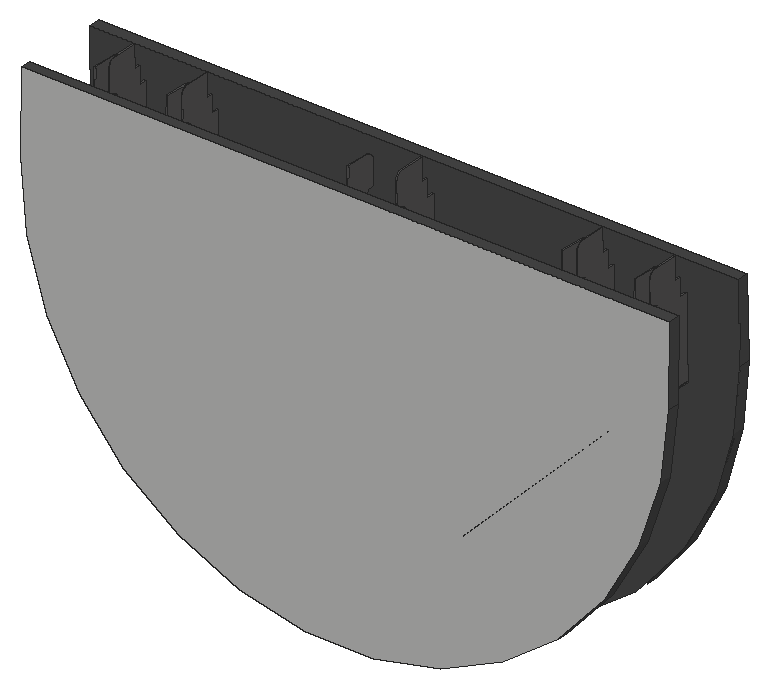
Revit family "22M 48 Elongated", category Furniture, Revit 2016
Family settings
  OmniClass Number = 23.40.20.00
  OmniClass Title = General Furniture and Specialties
  Work Plane-Based = No
  Always vertical = Yes
  Cut with Voids When Loaded = No
  Shared = No
  Room Calculation Point = No
Parameters
  Top [instance] = Palmer Hamilton Lt Gry
  Open [instance] = no
  Model = "22M132948EL"
  Height [instance] = 2' - 5"
  Frame [instance] = Palmer Hamilton Black
  Edge [instance] = Palmer Hamilton - Edge
  Closed [instance] = yes
Reference planes (in)
  plane 1 "Center Front/Back": y = 0
  plane 2: z = 0
  plane 3 "Center Left/Right": x = 0
  plane 4: z = 29
  plane 5: z = 28.1875
Forms (in)
  Extrusion 1, solid, material "Palmer Hamilton Black" <- "Frame", visible <- "Closed"
    sketch origin (0, 23.43372, 35.67249) x (1, 0, 0) y (0, 0.017452, 0.999848)
      loop
        line (-19.875, -2.9375) -> (-19.875, -4.1875) -> (19.8804, -4.1875) -> (19.8804, -2.9375) -> (-19.875, -2.9375)
    from 24.37295 to 26.185
  Extrusion 2, solid, material "Palmer Hamilton Black" <- "Frame", visible <- "Closed"
    sketch origin (0, -23.43372, 35.67249) x (-1, 0, 0) y (0, -0.017452, 0.999848)
      loop
        line (-19.875, -2.9375) -> (-19.875, -4.1875) -> (19.8804, -4.1875) -> (19.8804, -2.9375) -> (-19.875, -2.9375)
    from 24.37295 to 26.185
  Extrusion 3, solid, material "Palmer Hamilton Black" <- "Frame", visible <- "Open"
    sketch origin (0, 0, 0) x (1, 0, 0) y (0, 1, 0)
      loop
        line (-20.0625, -5) -> (-20.0625, -8.28854) -> (-8.35104, -20) -> (8.35104, -20) -> (20.0625, -8.28854) -> (20.0625, -5) -> (19.5625, -5) -> (19.5625, -8.08144) -> (8.14394, -19.5) -> (-8.14394, -19.5) -> (-19.5625, -8.08144) -> (-19.5625, -5) -> (-20.0625, -5)
    from 26.04911 to 28.1875
  Extrusion 4, solid, material "Palmer Hamilton Black" <- "Frame", visible <- "Closed"
    sketch origin (0, 23.46852, 37.6661) x (1, 0, 0) y (0, 0.017452, 0.999848)
      loop
        line (-20.0625, -5.00072) -> (-20.0625, -8.28854) -> (-8.35104, -20) -> (8.35104, -20) -> (20.0625, -8.28854) -> (20.0625, -5) -> (19.5625, -5) -> (19.5625, -8.08144) -> (8.14394, -19.5) -> (-8.14394, -19.5) -> (-19.5625, -8.08144) -> (-19.5625, -5.00072) -> (-20.0625, -5.00072)
    from 24.04911 to 26.1875
  Extrusion 5, solid, material "Palmer Hamilton Black" <- "Frame", visible <- "Open"
    sketch origin (0, 0, 0) x (-1, 0, 0) y (0, -1, 0)
      loop
        line (-20.0625, -5) -> (-20.0625, -8.28854) -> (-8.35104, -20) -> (8.35104, -20) -> (20.0625, -8.28854) -> (20.0625, -5) -> (19.5625, -5) -> (19.5625, -8.08144) -> (8.14394, -19.5) -> (-8.14394, -19.5) -> (-19.5625, -8.08144) -> (-19.5625, -5) -> (-20.0625, -5)
    from 26.04911 to 28.1875
  Extrusion 6, solid, material "Palmer Hamilton Black" <- "Frame", visible <- "Closed"
    sketch origin (0, -23.46852, 37.6661) x (-1, 0, 0) y (0, -0.017452, 0.999848)
      loop
        line (-20.0625, -5.00072) -> (-20.0625, -8.28854) -> (-8.35104, -20) -> (8.35104, -20) -> (20.0625, -8.28854) -> (20.0625, -5) -> (19.5625, -5) -> (19.5625, -8.08144) -> (8.14394, -19.5) -> (-8.14394, -19.5) -> (-19.5625, -8.08144) -> (-19.5625, -5.00072) -> (-20.0625, -5.00072)
    from 24.04911 to 26.1875
  Extrusion 7, solid, visible <- "Open"
    sketch origin (0, 0, 0) x (1, 0, 0) y (0, 1, 0)
      loop
        line (-24, -0.06491) -> (-24, -5.87576)
        arc (-24, -5.87576) -> (0, -29.87576) -> (24, -5.87576) r 24
        line (24, -5.87576) -> (24, -0.06491) -> (-24, -0.06491)
    from 28.1875 to 29
  Extrusion 8, solid, visible <- "Closed"
    sketch origin (0, 25.43335, 37.6335) x (1, 0, 0) y (0, 0.017452, 0.999848)
      loop
        line (-24, -0.06491) -> (-24, -5.87576)
        arc (-24, -5.87576) -> (0, -29.87576) -> (24, -5.87576) r 24
        line (24, -5.87576) -> (24, -0.06491) -> (-24, -0.06491)
    from 28.1875 to 29
  Extrusion 9, solid, visible <- "Open"
    sketch origin (0, 0, 0) x (-1, 0, 0) y (0, -1, 0)
      loop
        line (-24, -0.06491) -> (-24, -5.87576)
        arc (-24, -5.87576) -> (0, -29.87576) -> (24, -5.87576) r 24
        line (24, -5.87576) -> (24, -0.06491) -> (-24, -0.06491)
    from 28.1875 to 29
  Extrusion 10, solid, visible <- "Closed"
    sketch origin (0, -25.43335, 37.6335) x (-1, 0, 0) y (0, -0.017452, 0.999848)
      loop
        line (-24, -0.06491) -> (-24, -5.87576)
        arc (-24, -5.87576) -> (0, -29.87576) -> (24, -5.87576) r 24
        line (24, -5.87576) -> (24, -0.06491) -> (-24, -0.06491)
    from 28.1875 to 29
  Extrusion 11, solid, material "Palmer Hamilton Black" <- "Frame", visible <- "Open"
    sketch origin (0, 0, 5) x (0, 1, 0) y (0, 0, 1)
      loop
        line (0.5625, 20.44279) -> (0.5625, 22.17483) -> (-1.05432, 22.17483) -> (-1.05432, 22.61495) -> (-2.319, 22.61495) -> (-2.319, 23.1875) -> (-11.819, 23.1875) -> (-11.819, 21.04911) -> (-4.819, 21.04911) -> (-4.12777, 20.56511) -> (-2.19922, 20.56511)
        arc (-2.19922, 20.56511) -> (-1.96819, 20.47396) -> (-1.80353, 20.28804) r 0.53311
        line (-1.80353, 20.28804) -> (-1.74766, 20.07952)
        arc (-1.74766, 20.07952) -> (-1.6893, 19.93864) -> (-1.54842, 19.88029) r 0.19923
        line (-1.54842, 19.88029) -> (0, 19.88029)
        arc (0, 19.88029) -> (0.39775, 20.04504) -> (0.5625, 20.44279) r 0.5625
    from -14.745 to -14.6404
  Extrusion 12, solid, material "Palmer Hamilton Black" <- "Frame", visible <- "Open"
    sketch origin (0, 0, 5) x (0, 1, 0) y (0, 0, 1)
      loop
        line (0.5625, 20.44279) -> (0.5625, 22.17483) -> (-1.05432, 22.17483) -> (-1.05432, 22.61495) -> (-2.319, 22.61495) -> (-2.319, 23.1875) -> (-7.57758, 23.1875) -> (-7.57758, 21.04911) -> (-4.819, 21.04911) -> (-4.12777, 20.56511) -> (-2.19922, 20.56511)
        arc (-2.19922, 20.56511) -> (-1.96819, 20.47396) -> (-1.80353, 20.28804) r 0.53311
        line (-1.80353, 20.28804) -> (-1.74766, 20.07952)
        arc (-1.74766, 20.07952) -> (-1.6893, 19.93864) -> (-1.54842, 19.88029) r 0.19923
        line (-1.54842, 19.88029) -> (0, 19.88029)
        arc (0, 19.88029) -> (0.39775, 20.04504) -> (0.5625, 20.44279) r 0.5625
    from -20.12 to -20
  Extrusion 13, solid, material "Palmer Hamilton Black" <- "Frame", visible <- "Open"
    sketch origin (0, 0, 5) x (0, 1, 0) y (0, 0, 1)
      loop
        line (0.5625, 20.44279) -> (0.5625, 22.17483) -> (-1.05432, 22.17483) -> (-1.05432, 22.61495) -> (-2.319, 22.61495) -> (-2.319, 23.1875) -> (-11.819, 23.1875) -> (-11.819, 21.04911) -> (-4.819, 21.04911) -> (-4.12777, 20.56511) -> (-2.19922, 20.56511)
        arc (-2.19922, 20.56511) -> (-1.96819, 20.47396) -> (-1.80353, 20.28804) r 0.53311
        line (-1.80353, 20.28804) -> (-1.74766, 20.07952)
        arc (-1.74766, 20.07952) -> (-1.6893, 19.93864) -> (-1.54842, 19.88029) r 0.19923
        line (-1.54842, 19.88029) -> (0, 19.88029)
        arc (0, 19.88029) -> (0.39775, 20.04504) -> (0.5625, 20.44279) r 0.5625
    from 14.5204 to 14.625
  Extrusion 14, solid, material "Palmer Hamilton Black" <- "Frame", visible <- "Open"
    sketch origin (0, 0, 5) x (0, 1, 0) y (0, 0, 1)
      loop
        line (0.5625, 20.44279) -> (0.5625, 22.17483) -> (-1.05432, 22.17483) -> (-1.05432, 22.61495) -> (-2.319, 22.61495) -> (-2.319, 23.1875) -> (-7.57758, 23.1875) -> (-7.57758, 21.04911) -> (-4.819, 21.04911) -> (-4.12777, 20.56511) -> (-2.19922, 20.56511)
        arc (-2.19922, 20.56511) -> (-1.96819, 20.47396) -> (-1.80353, 20.28804) r 0.53311
        line (-1.80353, 20.28804) -> (-1.74766, 20.07952)
        arc (-1.74766, 20.07952) -> (-1.6893, 19.93864) -> (-1.54842, 19.88029) r 0.19923
        line (-1.54842, 19.88029) -> (0, 19.88029)
        arc (0, 19.88029) -> (0.39775, 20.04504) -> (0.5625, 20.44279) r 0.5625
    from 19.8804 to 20
  Extrusion 15, solid, material "Palmer Hamilton Black" <- "Frame", visible <- "Closed"
    sketch origin (0, 23.43372, 40.67249) x (0, 0.017452, 0.999848) y (0, -0.999848, 0.017452)
      loop
        line (-2.43704, 23.39043) -> (-2.43704, 25.12248) -> (-4.05386, 25.12248) -> (-4.05386, 25.5626) -> (-5.31854, 25.5626) -> (-5.31854, 26.13514) -> (-14.81854, 26.13514) -> (-14.81854, 23.99675) -> (-7.81854, 23.99675) -> (-7.12731, 23.51275) -> (-5.19876, 23.51275)
        arc (-5.19876, 23.51275) -> (-4.96774, 23.4216) -> (-4.80307, 23.23569) r 0.53311
        line (-4.80307, 23.23569) -> (-4.7472, 23.02716)
        arc (-4.7472, 23.02716) -> (-4.68885, 22.88628) -> (-4.54797, 22.82793) r 0.19923
        line (-4.54797, 22.82793) -> (-2.99954, 22.82793)
        arc (-2.99954, 22.82793) -> (-2.6018, 22.99268) -> (-2.43704, 23.39043) r 0.5625
    from -14.745 to -14.6404
  Extrusion 16, solid, material "Palmer Hamilton Black" <- "Frame", visible <- "Closed"
    sketch origin (0, 23.43372, 40.67249) x (0, 0.017452, 0.999848) y (0, -0.999848, 0.017452)
      loop
        line (-2.43704, 23.39043) -> (-2.43704, 25.12248) -> (-4.05386, 25.12248) -> (-4.05386, 25.5626) -> (-5.31854, 25.5626) -> (-5.31854, 26.13514) -> (-11.29387, 26.13514) -> (-11.29387, 23.99675) -> (-7.81854, 23.99675) -> (-7.12731, 23.51275) -> (-5.19876, 23.51275)
        arc (-5.19876, 23.51275) -> (-4.96774, 23.4216) -> (-4.80307, 23.23569) r 0.53311
        line (-4.80307, 23.23569) -> (-4.7472, 23.02716)
        arc (-4.7472, 23.02716) -> (-4.68885, 22.88628) -> (-4.54797, 22.82793) r 0.19923
        line (-4.54797, 22.82793) -> (-2.99954, 22.82793)
        arc (-2.99954, 22.82793) -> (-2.6018, 22.99268) -> (-2.43704, 23.39043) r 0.5625
    from -20.12 to -20
  Extrusion 17, solid, material "Palmer Hamilton Black" <- "Frame", visible <- "Closed"
    sketch origin (0, 23.43372, 40.67249) x (0, 0.017452, 0.999848) y (0, -0.999848, 0.017452)
      loop
        line (-2.43704, 23.39043) -> (-2.43704, 25.12248) -> (-4.05386, 25.12248) -> (-4.05386, 25.5626) -> (-5.31854, 25.5626) -> (-5.31854, 26.13514) -> (-14.81854, 26.13514) -> (-14.81854, 23.99675) -> (-7.81854, 23.99675) -> (-7.12731, 23.51275) -> (-5.19876, 23.51275)
        arc (-5.19876, 23.51275) -> (-4.96774, 23.4216) -> (-4.80307, 23.23569) r 0.53311
        line (-4.80307, 23.23569) -> (-4.7472, 23.02716)
        arc (-4.7472, 23.02716) -> (-4.68885, 22.88628) -> (-4.54797, 22.82793) r 0.19923
        line (-4.54797, 22.82793) -> (-2.99954, 22.82793)
        arc (-2.99954, 22.82793) -> (-2.6018, 22.99268) -> (-2.43704, 23.39043) r 0.5625
    from 14.5204 to 14.625
  Extrusion 18, solid, material "Palmer Hamilton Black" <- "Frame", visible <- "Closed"
    sketch origin (0, 23.43372, 40.67249) x (0, 0.017452, 0.999848) y (0, -0.999848, 0.017452)
      loop
        line (-2.43704, 23.39043) -> (-2.43704, 25.12248) -> (-4.05386, 25.12248) -> (-4.05386, 25.5626) -> (-5.31854, 25.5626) -> (-5.31854, 26.13514) -> (-11.29387, 26.13514) -> (-11.29387, 23.99675) -> (-7.81854, 23.99675) -> (-7.12731, 23.51275) -> (-5.19876, 23.51275)
        arc (-5.19876, 23.51275) -> (-4.96774, 23.4216) -> (-4.80307, 23.23569) r 0.53311
        line (-4.80307, 23.23569) -> (-4.7472, 23.02716)
        arc (-4.7472, 23.02716) -> (-4.68885, 22.88628) -> (-4.54797, 22.82793) r 0.19923
        line (-4.54797, 22.82793) -> (-2.99954, 22.82793)
        arc (-2.99954, 22.82793) -> (-2.6018, 22.99268) -> (-2.43704, 23.39043) r 0.5625
    from 19.8804 to 20
  Extrusion 19, solid, material "Palmer Hamilton Black" <- "Frame", visible <- "Closed"
    sketch origin (0, 23.43372, 40.67249) x (0, 0.017452, 0.999848) y (0, -0.999848, 0.017452)
      loop
        line (-2.43704, 23.39043) -> (-2.43704, 25.12248) -> (-4.05386, 25.12248) -> (-4.05386, 25.5626) -> (-5.31854, 25.5626) -> (-5.31854, 26.13514) -> (-14.81854, 26.13514) -> (-14.81854, 23.99675) -> (-7.81854, 23.99675) -> (-7.12731, 23.51275) -> (-5.19876, 23.51275)
        arc (-5.19876, 23.51275) -> (-4.96774, 23.4216) -> (-4.80307, 23.23569) r 0.53311
        line (-4.80307, 23.23569) -> (-4.7472, 23.02716)
        arc (-4.7472, 23.02716) -> (-4.68885, 22.88628) -> (-4.54797, 22.82793) r 0.19923
        line (-4.54797, 22.82793) -> (-2.99954, 22.82793)
        arc (-2.99954, 22.82793) -> (-2.6018, 22.99268) -> (-2.43704, 23.39043) r 0.5625
    from -1.40625 to -1.28125
  Extrusion 20, solid, material "Palmer Hamilton Black" <- "Frame", visible <- "Open"
    sketch origin (0, 0, 5) x (0, 1, 0) y (0, 0, 1)
      loop
        line (0.5625, 20.44279) -> (0.5625, 22.17483) -> (-1.05432, 22.17483) -> (-1.05432, 22.61495) -> (-2.319, 22.61495) -> (-2.319, 23.1875) -> (-11.819, 23.1875) -> (-11.819, 21.04911) -> (-4.819, 21.04911) -> (-4.12777, 20.56511) -> (-2.19922, 20.56511)
        arc (-2.19922, 20.56511) -> (-1.96819, 20.47396) -> (-1.80353, 20.28804) r 0.53311
        line (-1.80353, 20.28804) -> (-1.74766, 20.07952)
        arc (-1.74766, 20.07952) -> (-1.6893, 19.93864) -> (-1.54842, 19.88029) r 0.19923
        line (-1.54842, 19.88029) -> (0, 19.88029)
        arc (0, 19.88029) -> (0.39775, 20.04504) -> (0.5625, 20.44279) r 0.5625
    from -1.40625 to -1.28125
  Extrusion 21, solid, material "Palmer Hamilton Black" <- "Frame", visible <- "Open"
    sketch origin (0, 0, 5) x (0, -1, 0) y (0, 0, 1)
      loop
        line (0.5625, 20.44279) -> (0.5625, 22.17483) -> (-1.05432, 22.17483) -> (-1.05432, 22.61495) -> (-2.319, 22.61495) -> (-2.319, 23.1875) -> (-11.819, 23.1875) -> (-11.819, 21.04911) -> (-4.819, 21.04911) -> (-4.12777, 20.56511) -> (-2.19922, 20.56511)
        arc (-2.19922, 20.56511) -> (-1.96819, 20.47396) -> (-1.80353, 20.28804) r 0.53311
        line (-1.80353, 20.28804) -> (-1.74766, 20.07952)
        arc (-1.74766, 20.07952) -> (-1.6893, 19.93864) -> (-1.54842, 19.88029) r 0.19923
        line (-1.54842, 19.88029) -> (0, 19.88029)
        arc (0, 19.88029) -> (0.39775, 20.04504) -> (0.5625, 20.44279) r 0.5625
    from -14.745 to -14.6404
  Extrusion 22, solid, material "Palmer Hamilton Black" <- "Frame", visible <- "Open"
    sketch origin (0, 0, 5) x (0, -1, 0) y (0, 0, 1)
      loop
        line (0.5625, 20.44279) -> (0.5625, 22.17483) -> (-1.05432, 22.17483) -> (-1.05432, 22.61495) -> (-2.319, 22.61495) -> (-2.319, 23.1875) -> (-7.92282, 23.1875) -> (-7.92282, 21.04911) -> (-4.819, 21.04911) -> (-4.12777, 20.56511) -> (-2.19922, 20.56511)
        arc (-2.19922, 20.56511) -> (-1.96819, 20.47396) -> (-1.80353, 20.28804) r 0.53311
        line (-1.80353, 20.28804) -> (-1.74766, 20.07952)
        arc (-1.74766, 20.07952) -> (-1.6893, 19.93864) -> (-1.54842, 19.88029) r 0.19923
        line (-1.54842, 19.88029) -> (0, 19.88029)
        arc (0, 19.88029) -> (0.39775, 20.04504) -> (0.5625, 20.44279) r 0.5625
    from -20.12 to -20
  Extrusion 23, solid, material "Palmer Hamilton Black" <- "Frame", visible <- "Open"
    sketch origin (0, 0, 5) x (0, -1, 0) y (0, 0, 1)
      loop
        line (0.5625, 20.44279) -> (0.5625, 22.17483) -> (-1.05432, 22.17483) -> (-1.05432, 22.61495) -> (-2.319, 22.61495) -> (-2.319, 23.1875) -> (-11.819, 23.1875) -> (-11.819, 21.04911) -> (-4.819, 21.04911) -> (-4.12777, 20.56511) -> (-2.19922, 20.56511)
        arc (-2.19922, 20.56511) -> (-1.96819, 20.47396) -> (-1.80353, 20.28804) r 0.53311
        line (-1.80353, 20.28804) -> (-1.74766, 20.07952)
        arc (-1.74766, 20.07952) -> (-1.6893, 19.93864) -> (-1.54842, 19.88029) r 0.19923
        line (-1.54842, 19.88029) -> (0, 19.88029)
        arc (0, 19.88029) -> (0.39775, 20.04504) -> (0.5625, 20.44279) r 0.5625
    from 14.5204 to 14.625
  Extrusion 24, solid, material "Palmer Hamilton Black" <- "Frame", visible <- "Open"
    sketch origin (0, 0, 5) x (0, -1, 0) y (0, 0, 1)
      loop
        line (0.5625, 20.44279) -> (0.5625, 22.17483) -> (-1.05432, 22.17483) -> (-1.05432, 22.61495) -> (-2.319, 22.61495) -> (-2.319, 23.1875) -> (-7.92282, 23.1875) -> (-7.92282, 21.04911) -> (-4.819, 21.04911) -> (-4.12777, 20.56511) -> (-2.19922, 20.56511)
        arc (-2.19922, 20.56511) -> (-1.96819, 20.47396) -> (-1.80353, 20.28804) r 0.53311
        line (-1.80353, 20.28804) -> (-1.74766, 20.07952)
        arc (-1.74766, 20.07952) -> (-1.6893, 19.93864) -> (-1.54842, 19.88029) r 0.19923
        line (-1.54842, 19.88029) -> (0, 19.88029)
        arc (0, 19.88029) -> (0.39775, 20.04504) -> (0.5625, 20.44279) r 0.5625
    from 19.8804 to 20
  Extrusion 25, solid, material "Palmer Hamilton Black" <- "Frame", visible <- "Closed"
    sketch origin (0, -23.43372, 40.67249) x (0, -0.017452, 0.999848) y (0, 0.999848, 0.017452)
      loop
        line (-2.43704, 23.39043) -> (-2.43704, 25.12248) -> (-4.05386, 25.12248) -> (-4.05386, 25.5626) -> (-5.31854, 25.5626) -> (-5.31854, 26.13514) -> (-14.81854, 26.13514) -> (-14.81854, 23.99675) -> (-7.81854, 23.99675) -> (-7.12731, 23.51275) -> (-5.19876, 23.51275)
        arc (-5.19876, 23.51275) -> (-4.96774, 23.4216) -> (-4.80307, 23.23569) r 0.53311
        line (-4.80307, 23.23569) -> (-4.7472, 23.02716)
        arc (-4.7472, 23.02716) -> (-4.68885, 22.88628) -> (-4.54797, 22.82793) r 0.19923
        line (-4.54797, 22.82793) -> (-2.99954, 22.82793)
        arc (-2.99954, 22.82793) -> (-2.6018, 22.99268) -> (-2.43704, 23.39043) r 0.5625
    from -14.745 to -14.6404
  Extrusion 26, solid, material "Palmer Hamilton Black" <- "Frame", visible <- "Closed"
    sketch origin (0, -23.43372, 40.67249) x (0, -0.017452, 0.999848) y (0, 0.999848, 0.017452)
      loop
        line (-2.43704, 23.39043) -> (-2.43704, 25.12248) -> (-4.05386, 25.12248) -> (-4.05386, 25.5626) -> (-5.31854, 25.5626) -> (-5.31854, 26.13514) -> (-11.29387, 26.13514) -> (-11.29387, 23.99675) -> (-7.81854, 23.99675) -> (-7.12731, 23.51275) -> (-5.19876, 23.51275)
        arc (-5.19876, 23.51275) -> (-4.96774, 23.4216) -> (-4.80307, 23.23569) r 0.53311
        line (-4.80307, 23.23569) -> (-4.7472, 23.02716)
        arc (-4.7472, 23.02716) -> (-4.68885, 22.88628) -> (-4.54797, 22.82793) r 0.19923
        line (-4.54797, 22.82793) -> (-2.99954, 22.82793)
        arc (-2.99954, 22.82793) -> (-2.6018, 22.99268) -> (-2.43704, 23.39043) r 0.5625
    from -20.12 to -20
  Extrusion 27, solid, material "Palmer Hamilton Black" <- "Frame", visible <- "Closed"
    sketch origin (0, -23.43372, 40.67249) x (0, -0.017452, 0.999848) y (0, 0.999848, 0.017452)
      loop
        line (-2.43704, 23.39043) -> (-2.43704, 25.12248) -> (-4.05386, 25.12248) -> (-4.05386, 25.5626) -> (-5.31854, 25.5626) -> (-5.31854, 26.13514) -> (-14.81854, 26.13514) -> (-14.81854, 23.99675) -> (-7.81854, 23.99675) -> (-7.12731, 23.51275) -> (-5.19876, 23.51275)
        arc (-5.19876, 23.51275) -> (-4.96774, 23.4216) -> (-4.80307, 23.23569) r 0.53311
        line (-4.80307, 23.23569) -> (-4.7472, 23.02716)
        arc (-4.7472, 23.02716) -> (-4.68885, 22.88628) -> (-4.54797, 22.82793) r 0.19923
        line (-4.54797, 22.82793) -> (-2.99954, 22.82793)
        arc (-2.99954, 22.82793) -> (-2.6018, 22.99268) -> (-2.43704, 23.39043) r 0.5625
    from 14.5204 to 14.625
  Extrusion 28, solid, material "Palmer Hamilton Black" <- "Frame", visible <- "Closed"
    sketch origin (0, -23.43372, 40.67249) x (0, -0.017452, 0.999848) y (0, 0.999848, 0.017452)
      loop
        line (-2.43704, 23.39043) -> (-2.43704, 25.12248) -> (-4.05386, 25.12248) -> (-4.05386, 25.5626) -> (-5.31854, 25.5626) -> (-5.31854, 26.13514) -> (-11.29387, 26.13514) -> (-11.29387, 23.99675) -> (-7.81854, 23.99675) -> (-7.12731, 23.51275) -> (-5.19876, 23.51275)
        arc (-5.19876, 23.51275) -> (-4.96774, 23.4216) -> (-4.80307, 23.23569) r 0.53311
        line (-4.80307, 23.23569) -> (-4.7472, 23.02716)
        arc (-4.7472, 23.02716) -> (-4.68885, 22.88628) -> (-4.54797, 22.82793) r 0.19923
        line (-4.54797, 22.82793) -> (-2.99954, 22.82793)
        arc (-2.99954, 22.82793) -> (-2.6018, 22.99268) -> (-2.43704, 23.39043) r 0.5625
    from 19.8804 to 20
  Extrusion 29, solid, material "Palmer Hamilton Black" <- "Frame", visible <- "Closed"
    sketch origin (0, -23.43372, 40.67249) x (0, -0.017452, 0.999848) y (0, 0.999848, 0.017452)
      loop
        line (-2.43704, 23.39043) -> (-2.43704, 25.12248) -> (-4.05386, 25.12248) -> (-4.05386, 25.5626) -> (-5.31854, 25.5626) -> (-5.31854, 26.13514) -> (-14.81854, 26.13514) -> (-14.81854, 23.99675) -> (-7.81854, 23.99675) -> (-7.12731, 23.51275) -> (-5.19876, 23.51275)
        arc (-5.19876, 23.51275) -> (-4.96774, 23.4216) -> (-4.80307, 23.23569) r 0.53311
        line (-4.80307, 23.23569) -> (-4.7472, 23.02716)
        arc (-4.7472, 23.02716) -> (-4.68885, 22.88628) -> (-4.54797, 22.82793) r 0.19923
        line (-4.54797, 22.82793) -> (-2.99954, 22.82793)
        arc (-2.99954, 22.82793) -> (-2.6018, 22.99268) -> (-2.43704, 23.39043) r 0.5625
    from -1.40625 to -1.28125
  Extrusion 30, solid, material "Palmer Hamilton Black" <- "Frame", visible <- "Open"
    sketch origin (0, 0, 5) x (0, -1, 0) y (0, 0, 1)
      loop
        line (0.5625, 20.44279) -> (0.5625, 22.17483) -> (-1.05432, 22.17483) -> (-1.05432, 22.61495) -> (-2.319, 22.61495) -> (-2.319, 23.1875) -> (-11.819, 23.1875) -> (-11.819, 21.04911) -> (-4.819, 21.04911) -> (-4.12777, 20.56511) -> (-2.19922, 20.56511)
        arc (-2.19922, 20.56511) -> (-1.96819, 20.47396) -> (-1.80353, 20.28804) r 0.53311
        line (-1.80353, 20.28804) -> (-1.74766, 20.07952)
        arc (-1.74766, 20.07952) -> (-1.6893, 19.93864) -> (-1.54842, 19.88029) r 0.19923
        line (-1.54842, 19.88029) -> (0, 19.88029)
        arc (0, 19.88029) -> (0.39775, 20.04504) -> (0.5625, 20.44279) r 0.5625
    from -1.40625 to -1.28125
Lines and regions (in)
  reference lines
    curve 1: line (0, -0.5625, 25.44279) -> (0, 0.5625, 25.44279)
Dimensions and locks (in)
  locked: plane 4 to plane 5 at 0.8125
  "Height": plane 4 to level
  locked: Extrusion 3 to plane 5 at 2.13839
  aligned and locked: level to plane 2
  aligned and locked: Extrusion 3 to plane 5
  aligned and locked: plane 4 to Extrusion 7
  aligned and locked: plane 4 to Extrusion 9
  aligned and locked: plane 5 to Extrusion 9
  aligned and locked: plane 5 to Extrusion 7
  aligned and locked: plane 5 to Extrusion 3
  aligned and locked: Extrusion 5 to plane 5
  aligned and locked: Extrusion 5 to Extrusion 3
Automatic sketch dimensions
  Extrusion 1 sketch curve to plane 3 "Center Left/Right" = 1' - 7 7/8"
  plane 3 "Center Left/Right" to Extrusion 1 sketch curve = 1' - 7.8804"
  Extrusion 1 sketch curve to Extrusion 1 sketch curve = 0' - 1 1/4"
  plane 3 "Center Left/Right" to Extrusion 2 sketch curve = 1' - 7 7/8"
  Extrusion 2 sketch curve to plane 3 "Center Left/Right" = 1' - 7.8804"
  Extrusion 2 sketch curve to Extrusion 2 sketch curve = 0' - 1 1/4"
  plane 1 "Center Front/Back" to Extrusion 3 sketch curve = 0' - 8.28854"
  Extrusion 3 sketch curve to plane 3 "Center Left/Right" = 1' - 8 1/16"
  plane 1 "Center Front/Back" to Extrusion 3 sketch curve = 0' - 8.08144"
  Extrusion 3 sketch curve to Extrusion 3 sketch curve = 0' - 0 1/2"  (x3)
  Extrusion 3 sketch curve to plane 3 "Center Left/Right" = 0' - 8.35104"
  Extrusion 3 sketch curve to Extrusion 3 sketch curve = 0' - 0.20711"  (x3)
  plane 3 "Center Left/Right" to Extrusion 3 sketch curve = 0' - 8.14394"
  plane 1 "Center Front/Back" to Extrusion 3 sketch curve = 0' - 5"
  Extrusion 3 sketch curve to Extrusion 3 sketch curve = 0' - 11.41856"
  Extrusion 3 sketch curve to Extrusion 3 sketch curve = 1' - 2 1/2"
  Extrusion 3 sketch curve to Extrusion 3 sketch curve = 0' - 3.28854"
  Extrusion 3 sketch curve to Extrusion 3 sketch curve = 0' - 3.08144"
  plane 1 "Center Front/Back" to curve 1 = 0' - 0 9/16"
  plane 5 to curve 1 = 0' - 2.74471"
  curve 1 to plane 1 "Center Front/Back" = 0' - 0 9/16"
  Extrusion 4 sketch curve to Extrusion 4 sketch curve = 0' - 0 1/2"  (x3)
  Extrusion 4 sketch curve to Extrusion 4 sketch curve = 0' - 0.20711"  (x4)
  Extrusion 4 sketch curve to Extrusion 4 sketch curve = 0' - 11.41856"
  Extrusion 4 sketch curve to Extrusion 4 sketch curve = 0' - 11.21146"  (x3)
  Extrusion 4 sketch curve to Extrusion 4 sketch curve = 0' - 3.08072"
  Extrusion 4 sketch curve to Extrusion 4 sketch curve = 0' - 3.08144"
  Extrusion 4 sketch curve to Extrusion 4 sketch curve = 1' - 4.28787"
  Extrusion 4 sketch curve to plane 3 "Center Left/Right" = 1' - 8 1/16"
  Extrusion 5 sketch curve to plane 1 "Center Front/Back" = 0' - 8.28854"
  plane 3 "Center Left/Right" to Extrusion 5 sketch curve = 1' - 8 1/16"
  Extrusion 5 sketch curve to plane 1 "Center Front/Back" = 0' - 8.08144"
  Extrusion 5 sketch curve to Extrusion 5 sketch curve = 0' - 0 1/2"  (x3)
  plane 3 "Center Left/Right" to Extrusion 5 sketch curve = 0' - 8.35104"
  Extrusion 5 sketch curve to Extrusion 5 sketch curve = 0' - 0.20711"  (x3)
  Extrusion 5 sketch curve to plane 3 "Center Left/Right" = 0' - 8.14394"
  Extrusion 5 sketch curve to plane 1 "Center Front/Back" = 0' - 5"
  Extrusion 5 sketch curve to Extrusion 5 sketch curve = 0' - 11.41856"
  Extrusion 5 sketch curve to Extrusion 5 sketch curve = 1' - 2 1/2"
  Extrusion 5 sketch curve to Extrusion 5 sketch curve = 0' - 3.28854"
  Extrusion 5 sketch curve to Extrusion 5 sketch curve = 0' - 3.08144"
  plane 3 "Center Left/Right" to Extrusion 6 sketch curve = 1' - 8 1/16"
  Extrusion 6 sketch curve to Extrusion 6 sketch curve = 0' - 0 1/2"  (x3)
  plane 3 "Center Left/Right" to Extrusion 6 sketch curve = 0' - 8.35104"
  Extrusion 6 sketch curve to Extrusion 6 sketch curve = 0' - 0.20711"  (x4)
  Extrusion 6 sketch curve to plane 3 "Center Left/Right" = 0' - 8.14394"
  Extrusion 6 sketch curve to Extrusion 6 sketch curve = 0' - 11.41856"
  Extrusion 6 sketch curve to Extrusion 6 sketch curve = 0' - 11.21146"  (x2)
  Extrusion 6 sketch curve to Extrusion 6 sketch curve = 0' - 3.08072"
  Extrusion 6 sketch curve to Extrusion 6 sketch curve = 0' - 3.08144"
  Extrusion 7 sketch curve to plane 3 "Center Left/Right" = 0' - 0"
  plane 1 "Center Front/Back" to Extrusion 7 sketch curve = 0' - 0.06491"
  plane 3 "Center Left/Right" to Extrusion 7 sketch curve = 2' - 0"
  Extrusion 7 sketch curve to Extrusion 7 sketch curve = 0' - 5.81084"  (x2)
  Extrusion 8 sketch curve to plane 3 "Center Left/Right" = 0' - 0"
  Extrusion 8 sketch curve to plane 3 "Center Left/Right" = 2' - 0"
  Extrusion 8 sketch curve to Extrusion 8 sketch curve = 0' - 5.81084"
  Extrusion 8 sketch curve to Extrusion 8 sketch curve = 0' - 0"
  Extrusion 9 sketch curve to plane 3 "Center Left/Right" = 0' - 0"
  Extrusion 9 sketch curve to plane 1 "Center Front/Back" = 0' - 0.06491"
  plane 3 "Center Left/Right" to Extrusion 9 sketch curve = 2' - 0"
  Extrusion 9 sketch curve to plane 1 "Center Front/Back" = 0' - 5.87576"
  Extrusion 9 sketch curve to Extrusion 9 sketch curve = 0' - 0"
  Extrusion 10 sketch curve to plane 3 "Center Left/Right" = 0' - 0"
  plane 3 "Center Left/Right" to Extrusion 10 sketch curve = 2' - 0"
  Extrusion 10 sketch curve to Extrusion 10 sketch curve = 0' - 5.81084"
  Extrusion 10 sketch curve to Extrusion 10 sketch curve = 0' - 0"
  Extrusion 11 sketch curve to plane 1 "Center Front/Back" = 0' - 0"
  plane 1 "Center Front/Back" to Extrusion 11 sketch curve = 0' - 1.05432"
  plane 1 "Center Front/Back" to Extrusion 11 sketch curve = 0' - 1.54842"
  Extrusion 11 sketch curve to Extrusion 11 sketch curve = 0' - 0 51/256"
  Extrusion 11 sketch curve to Extrusion 11 sketch curve = 0' - 0.05587"
  Extrusion 11 sketch curve to Extrusion 11 sketch curve = 0' - 0.39569"
  Extrusion 11 sketch curve to Extrusion 11 sketch curve = 0' - 0.52631"
  Extrusion 11 sketch curve to Extrusion 11 sketch curve = 0' - 1.26468"
  Extrusion 11 sketch curve to Extrusion 11 sketch curve = 0' - 1.8538"
  Extrusion 11 sketch curve to Extrusion 11 sketch curve = 0' - 0.69123"
  Extrusion 11 sketch curve to Extrusion 11 sketch curve = 0' - 7"
  Extrusion 11 sketch curve to plane 1 "Center Front/Back" = 0' - 0 9/16"
  plane 5 to Extrusion 11 sketch curve = 0' - 3.30721"
  Extrusion 11 sketch curve to Extrusion 11 sketch curve = 0' - 0.04225"
  Extrusion 11 sketch curve to Extrusion 11 sketch curve = 0' - 0.20852"
  Extrusion 11 sketch curve to Extrusion 11 sketch curve = 0' - 0.484"
  Extrusion 11 sketch curve to Extrusion 11 sketch curve = 0' - 1.73205"
  Extrusion 11 sketch curve to Extrusion 11 sketch curve = 0' - 0.44012"
  Extrusion 11 sketch curve to Extrusion 11 sketch curve = 0' - 0.57255"
  Extrusion 12 sketch curve to plane 1 "Center Front/Back" = 0' - 0"
  plane 1 "Center Front/Back" to Extrusion 12 sketch curve = 0' - 1.05432"
  plane 1 "Center Front/Back" to Extrusion 12 sketch curve = 0' - 1.54842"
  Extrusion 12 sketch curve to Extrusion 12 sketch curve = 0' - 0 51/256"
  Extrusion 12 sketch curve to Extrusion 12 sketch curve = 0' - 0.05587"
  Extrusion 12 sketch curve to Extrusion 12 sketch curve = 0' - 0.39569"
  Extrusion 12 sketch curve to Extrusion 12 sketch curve = 0' - 0.52631"
  Extrusion 12 sketch curve to Extrusion 12 sketch curve = 0' - 1.26468"
  Extrusion 12 sketch curve to Extrusion 12 sketch curve = 0' - 1.8538"
  Extrusion 12 sketch curve to Extrusion 12 sketch curve = 0' - 0.69123"
  Extrusion 12 sketch curve to Extrusion 12 sketch curve = 0' - 2.75858"
  Extrusion 12 sketch curve to plane 1 "Center Front/Back" = 0' - 0 9/16"
  plane 5 to Extrusion 12 sketch curve = 0' - 3.30721"
  Extrusion 12 sketch curve to Extrusion 12 sketch curve = 0' - 0.04225"
  Extrusion 12 sketch curve to Extrusion 12 sketch curve = 0' - 0.20852"
  Extrusion 12 sketch curve to Extrusion 12 sketch curve = 0' - 0.484"
  Extrusion 12 sketch curve to Extrusion 12 sketch curve = 0' - 1.73205"
  Extrusion 12 sketch curve to Extrusion 12 sketch curve = 0' - 0.44012"
  Extrusion 12 sketch curve to Extrusion 12 sketch curve = 0' - 0.57255"
  Extrusion 13 sketch curve to plane 1 "Center Front/Back" = 0' - 0"
  plane 1 "Center Front/Back" to Extrusion 13 sketch curve = 0' - 1.05432"
  plane 1 "Center Front/Back" to Extrusion 13 sketch curve = 0' - 1.54842"
  Extrusion 13 sketch curve to Extrusion 13 sketch curve = 0' - 0 51/256"
  Extrusion 13 sketch curve to Extrusion 13 sketch curve = 0' - 0.05587"
  Extrusion 13 sketch curve to Extrusion 13 sketch curve = 0' - 0.39569"
  Extrusion 13 sketch curve to Extrusion 13 sketch curve = 0' - 0.52631"
  Extrusion 13 sketch curve to Extrusion 13 sketch curve = 0' - 1.26468"
  Extrusion 13 sketch curve to Extrusion 13 sketch curve = 0' - 1.8538"
  Extrusion 13 sketch curve to Extrusion 13 sketch curve = 0' - 0.69123"
  Extrusion 13 sketch curve to Extrusion 13 sketch curve = 0' - 7"
  Extrusion 13 sketch curve to plane 1 "Center Front/Back" = 0' - 0 9/16"
  plane 5 to Extrusion 13 sketch curve = 0' - 3.30721"
  Extrusion 13 sketch curve to Extrusion 13 sketch curve = 0' - 0.04225"
  Extrusion 13 sketch curve to Extrusion 13 sketch curve = 0' - 0.20852"
  Extrusion 13 sketch curve to Extrusion 13 sketch curve = 0' - 0.484"
  Extrusion 13 sketch curve to Extrusion 13 sketch curve = 0' - 1.73205"
  Extrusion 13 sketch curve to Extrusion 13 sketch curve = 0' - 0.44012"
  Extrusion 13 sketch curve to Extrusion 13 sketch curve = 0' - 0.57255"
  Extrusion 14 sketch curve to plane 1 "Center Front/Back" = 0' - 0"
  plane 1 "Center Front/Back" to Extrusion 14 sketch curve = 0' - 1.05432"
  plane 1 "Center Front/Back" to Extrusion 14 sketch curve = 0' - 1.54842"
  Extrusion 14 sketch curve to Extrusion 14 sketch curve = 0' - 0 51/256"
  Extrusion 14 sketch curve to Extrusion 14 sketch curve = 0' - 0.05587"
  Extrusion 14 sketch curve to Extrusion 14 sketch curve = 0' - 0.39569"
  Extrusion 14 sketch curve to Extrusion 14 sketch curve = 0' - 0.52631"
  Extrusion 14 sketch curve to Extrusion 14 sketch curve = 0' - 1.26468"
  Extrusion 14 sketch curve to Extrusion 14 sketch curve = 0' - 1.8538"
  Extrusion 14 sketch curve to Extrusion 14 sketch curve = 0' - 0.69123"
  Extrusion 14 sketch curve to Extrusion 14 sketch curve = 0' - 2.75858"
  Extrusion 14 sketch curve to plane 1 "Center Front/Back" = 0' - 0 9/16"
  plane 5 to Extrusion 14 sketch curve = 0' - 3.30721"
  Extrusion 14 sketch curve to Extrusion 14 sketch curve = 0' - 0.04225"
  Extrusion 14 sketch curve to Extrusion 14 sketch curve = 0' - 0.20852"
  Extrusion 14 sketch curve to Extrusion 14 sketch curve = 0' - 0.484"
  Extrusion 14 sketch curve to Extrusion 14 sketch curve = 0' - 1.73205"
  Extrusion 14 sketch curve to Extrusion 14 sketch curve = 0' - 0.44012"
  Extrusion 14 sketch curve to Extrusion 14 sketch curve = 0' - 0.57255"
  plane 1 "Center Front/Back" to Extrusion 15 sketch curve = 0' - 0.818"
  plane 5 to Extrusion 15 sketch curve = 0' - 1.9125"
  Extrusion 15 sketch curve to Extrusion 15 sketch curve = 0' - 7"
  Extrusion 15 sketch curve to Extrusion 15 sketch curve = 0' - 0.69123"
  Extrusion 15 sketch curve to Extrusion 15 sketch curve = 0' - 1.80877"
  Extrusion 15 sketch curve to Extrusion 15 sketch curve = 0' - 1.8538"
  Extrusion 15 sketch curve to Extrusion 15 sketch curve = 0' - 0.07475"
  Extrusion 15 sketch curve to Extrusion 15 sketch curve = 0' - 0.39569"
  Extrusion 15 sketch curve to Extrusion 15 sketch curve = 0' - 0.05587"
  Extrusion 15 sketch curve to Extrusion 15 sketch curve = 0' - 0 51/256"
  Extrusion 15 sketch curve to Extrusion 15 sketch curve = 0' - 1.26468"
  Extrusion 15 sketch curve to Extrusion 15 sketch curve = 0' - 1.54842"
  Extrusion 15 sketch curve to Extrusion 15 sketch curve = 0' - 1.61682"
  Extrusion 15 sketch curve to Extrusion 15 sketch curve = 0' - 0.484"
  Extrusion 15 sketch curve to Extrusion 15 sketch curve = 0' - 0.12232"
  Extrusion 15 sketch curve to Extrusion 15 sketch curve = 0' - 0.20852"
  Extrusion 15 sketch curve to Extrusion 15 sketch curve = 0' - 1.73205"
  Extrusion 15 sketch curve to Extrusion 15 sketch curve = 0' - 0.44012"
  Extrusion 15 sketch curve to Extrusion 15 sketch curve = 0' - 0.57255"
  plane 1 "Center Front/Back" to Extrusion 16 sketch curve = 0' - 0.75648"
  Extrusion 16 sketch curve to plane 5 = 0' - 1.61164"
  Extrusion 16 sketch curve to Extrusion 16 sketch curve = 0' - 3.47532"
  Extrusion 16 sketch curve to Extrusion 16 sketch curve = 0' - 0.69123"
  Extrusion 16 sketch curve to Extrusion 16 sketch curve = 0' - 1.80877"
  Extrusion 16 sketch curve to Extrusion 16 sketch curve = 0' - 1.8538"
  Extrusion 16 sketch curve to Extrusion 16 sketch curve = 0' - 0.07475"
  Extrusion 16 sketch curve to Extrusion 16 sketch curve = 0' - 0.39569"
  Extrusion 16 sketch curve to Extrusion 16 sketch curve = 0' - 0.05587"
  Extrusion 16 sketch curve to Extrusion 16 sketch curve = 0' - 0 51/256"
  Extrusion 16 sketch curve to Extrusion 16 sketch curve = 0' - 1.26468"
  Extrusion 16 sketch curve to Extrusion 16 sketch curve = 0' - 1.54842"
  Extrusion 16 sketch curve to Extrusion 16 sketch curve = 0' - 1.61682"
  Extrusion 16 sketch curve to Extrusion 16 sketch curve = 0' - 0.484"
  Extrusion 16 sketch curve to Extrusion 16 sketch curve = 0' - 0.12232"
  Extrusion 16 sketch curve to Extrusion 16 sketch curve = 0' - 0.20852"
  Extrusion 16 sketch curve to Extrusion 16 sketch curve = 0' - 1.73205"
  Extrusion 16 sketch curve to Extrusion 16 sketch curve = 0' - 0.44012"
  Extrusion 16 sketch curve to Extrusion 16 sketch curve = 0' - 0.57255"
  plane 1 "Center Front/Back" to Extrusion 17 sketch curve = 0' - 0.818"
  plane 5 to Extrusion 17 sketch curve = 0' - 1.9125"
  Extrusion 17 sketch curve to Extrusion 17 sketch curve = 0' - 7"
  Extrusion 17 sketch curve to Extrusion 17 sketch curve = 0' - 0.69123"
  Extrusion 17 sketch curve to Extrusion 17 sketch curve = 0' - 1.80877"
  Extrusion 17 sketch curve to Extrusion 17 sketch curve = 0' - 1.8538"
  Extrusion 17 sketch curve to Extrusion 17 sketch curve = 0' - 0.07475"
  Extrusion 17 sketch curve to Extrusion 17 sketch curve = 0' - 0.39569"
  Extrusion 17 sketch curve to Extrusion 17 sketch curve = 0' - 0.05587"
  Extrusion 17 sketch curve to Extrusion 17 sketch curve = 0' - 0 51/256"
  Extrusion 17 sketch curve to Extrusion 17 sketch curve = 0' - 1.26468"
  Extrusion 17 sketch curve to Extrusion 17 sketch curve = 0' - 1.54842"
  Extrusion 17 sketch curve to Extrusion 17 sketch curve = 0' - 1.61682"
  Extrusion 17 sketch curve to Extrusion 17 sketch curve = 0' - 0.484"
  Extrusion 17 sketch curve to Extrusion 17 sketch curve = 0' - 0.12232"
  Extrusion 17 sketch curve to Extrusion 17 sketch curve = 0' - 0.20852"
  Extrusion 17 sketch curve to Extrusion 17 sketch curve = 0' - 1.73205"
  Extrusion 17 sketch curve to Extrusion 17 sketch curve = 0' - 0.44012"
  Extrusion 17 sketch curve to Extrusion 17 sketch curve = 0' - 0.57255"
  plane 1 "Center Front/Back" to Extrusion 18 sketch curve = 0' - 0.75648"
  Extrusion 18 sketch curve to plane 5 = 0' - 1.61164"
  Extrusion 18 sketch curve to Extrusion 18 sketch curve = 0' - 3.47532"
  Extrusion 18 sketch curve to Extrusion 18 sketch curve = 0' - 0.69123"
  Extrusion 18 sketch curve to Extrusion 18 sketch curve = 0' - 1.80877"
  Extrusion 18 sketch curve to Extrusion 18 sketch curve = 0' - 1.8538"
  Extrusion 18 sketch curve to Extrusion 18 sketch curve = 0' - 0.07475"
  Extrusion 18 sketch curve to Extrusion 18 sketch curve = 0' - 0.39569"
  Extrusion 18 sketch curve to Extrusion 18 sketch curve = 0' - 0.05587"
  Extrusion 18 sketch curve to Extrusion 18 sketch curve = 0' - 0 51/256"
  Extrusion 18 sketch curve to Extrusion 18 sketch curve = 0' - 1.26468"
  Extrusion 18 sketch curve to Extrusion 18 sketch curve = 0' - 1.54842"
  Extrusion 18 sketch curve to Extrusion 18 sketch curve = 0' - 1.61682"
  Extrusion 18 sketch curve to Extrusion 18 sketch curve = 0' - 0.484"
  Extrusion 18 sketch curve to Extrusion 18 sketch curve = 0' - 0.12232"
  Extrusion 18 sketch curve to Extrusion 18 sketch curve = 0' - 0.20852"
  Extrusion 18 sketch curve to Extrusion 18 sketch curve = 0' - 1.73205"
  Extrusion 18 sketch curve to Extrusion 18 sketch curve = 0' - 0.44012"
  Extrusion 18 sketch curve to Extrusion 18 sketch curve = 0' - 0.57255"
  plane 1 "Center Front/Back" to Extrusion 19 sketch curve = 0' - 0.818"
  plane 5 to Extrusion 19 sketch curve = 0' - 1.9125"
  Extrusion 19 sketch curve to Extrusion 19 sketch curve = 0' - 7"
  Extrusion 19 sketch curve to Extrusion 19 sketch curve = 0' - 0.69123"
  Extrusion 19 sketch curve to Extrusion 19 sketch curve = 0' - 1.80877"
  Extrusion 19 sketch curve to Extrusion 19 sketch curve = 0' - 1.8538"
  Extrusion 19 sketch curve to Extrusion 19 sketch curve = 0' - 0.07475"
  Extrusion 19 sketch curve to Extrusion 19 sketch curve = 0' - 0.39569"
  Extrusion 19 sketch curve to Extrusion 19 sketch curve = 0' - 0.05587"
  Extrusion 19 sketch curve to Extrusion 19 sketch curve = 0' - 0 51/256"
  Extrusion 19 sketch curve to Extrusion 19 sketch curve = 0' - 1.26468"
  Extrusion 19 sketch curve to Extrusion 19 sketch curve = 0' - 1.54842"
  Extrusion 19 sketch curve to Extrusion 19 sketch curve = 0' - 1.61682"
  Extrusion 19 sketch curve to Extrusion 19 sketch curve = 0' - 0.484"
  Extrusion 19 sketch curve to Extrusion 19 sketch curve = 0' - 0.12232"
  Extrusion 19 sketch curve to Extrusion 19 sketch curve = 0' - 0.20852"
  Extrusion 19 sketch curve to Extrusion 19 sketch curve = 0' - 1.73205"
  Extrusion 19 sketch curve to Extrusion 19 sketch curve = 0' - 0.44012"
  Extrusion 19 sketch curve to Extrusion 19 sketch curve = 0' - 0.57255"
  Extrusion 20 sketch curve to plane 1 "Center Front/Back" = 0' - 0"
  plane 1 "Center Front/Back" to Extrusion 20 sketch curve = 0' - 1.05432"
  plane 1 "Center Front/Back" to Extrusion 20 sketch curve = 0' - 1.54842"
  Extrusion 20 sketch curve to Extrusion 20 sketch curve = 0' - 0 51/256"
  Extrusion 20 sketch curve to Extrusion 20 sketch curve = 0' - 0.05587"
  Extrusion 20 sketch curve to Extrusion 20 sketch curve = 0' - 0.39569"
  Extrusion 20 sketch curve to Extrusion 20 sketch curve = 0' - 0.52631"
  Extrusion 20 sketch curve to Extrusion 20 sketch curve = 0' - 1.26468"
  Extrusion 20 sketch curve to Extrusion 20 sketch curve = 0' - 1.8538"
  Extrusion 20 sketch curve to Extrusion 20 sketch curve = 0' - 0.69123"
  Extrusion 20 sketch curve to Extrusion 20 sketch curve = 0' - 7"
  Extrusion 20 sketch curve to plane 1 "Center Front/Back" = 0' - 0 9/16"
  plane 5 to Extrusion 20 sketch curve = 0' - 3.30721"
  Extrusion 20 sketch curve to Extrusion 20 sketch curve = 0' - 0.04225"
  Extrusion 20 sketch curve to Extrusion 20 sketch curve = 0' - 0.20852"
  Extrusion 20 sketch curve to Extrusion 20 sketch curve = 0' - 0.484"
  Extrusion 20 sketch curve to Extrusion 20 sketch curve = 0' - 1.73205"
  Extrusion 20 sketch curve to Extrusion 20 sketch curve = 0' - 0.44012"
  Extrusion 20 sketch curve to Extrusion 20 sketch curve = 0' - 0.57255"
  Extrusion 21 sketch curve to plane 1 "Center Front/Back" = 0' - 0"
  Extrusion 21 sketch curve to plane 1 "Center Front/Back" = 0' - 1.05432"
  Extrusion 21 sketch curve to plane 1 "Center Front/Back" = 0' - 1.54842"
  Extrusion 21 sketch curve to Extrusion 21 sketch curve = 0' - 0 51/256"
  Extrusion 21 sketch curve to Extrusion 21 sketch curve = 0' - 0.05587"
  Extrusion 21 sketch curve to Extrusion 21 sketch curve = 0' - 0.39569"
  Extrusion 21 sketch curve to Extrusion 21 sketch curve = 0' - 0.52631"
  Extrusion 21 sketch curve to Extrusion 21 sketch curve = 0' - 1.26468"
  Extrusion 21 sketch curve to Extrusion 21 sketch curve = 0' - 1.8538"
  Extrusion 21 sketch curve to Extrusion 21 sketch curve = 0' - 0.69123"
  Extrusion 21 sketch curve to Extrusion 21 sketch curve = 0' - 7"
  plane 1 "Center Front/Back" to Extrusion 21 sketch curve = 0' - 0 9/16"
  plane 5 to Extrusion 21 sketch curve = 0' - 3.30721"
  Extrusion 21 sketch curve to Extrusion 21 sketch curve = 0' - 0.04225"
  Extrusion 21 sketch curve to Extrusion 21 sketch curve = 0' - 0.20852"
  Extrusion 21 sketch curve to Extrusion 21 sketch curve = 0' - 0.484"
  Extrusion 21 sketch curve to Extrusion 21 sketch curve = 0' - 1.73205"
  Extrusion 21 sketch curve to Extrusion 21 sketch curve = 0' - 0.44012"
  Extrusion 21 sketch curve to Extrusion 21 sketch curve = 0' - 0.57255"
  Extrusion 22 sketch curve to plane 1 "Center Front/Back" = 0' - 0"
  Extrusion 22 sketch curve to plane 1 "Center Front/Back" = 0' - 1.05432"
  Extrusion 22 sketch curve to plane 1 "Center Front/Back" = 0' - 1.54842"
  Extrusion 22 sketch curve to Extrusion 22 sketch curve = 0' - 0 51/256"
  Extrusion 22 sketch curve to Extrusion 22 sketch curve = 0' - 0.05587"
  Extrusion 22 sketch curve to Extrusion 22 sketch curve = 0' - 0.39569"
  Extrusion 22 sketch curve to Extrusion 22 sketch curve = 0' - 0.52631"
  Extrusion 22 sketch curve to Extrusion 22 sketch curve = 0' - 1.26468"
  Extrusion 22 sketch curve to Extrusion 22 sketch curve = 0' - 1.8538"
  Extrusion 22 sketch curve to Extrusion 22 sketch curve = 0' - 0.69123"
  Extrusion 22 sketch curve to Extrusion 22 sketch curve = 0' - 3.10382"
  plane 1 "Center Front/Back" to Extrusion 22 sketch curve = 0' - 0 9/16"
  plane 5 to Extrusion 22 sketch curve = 0' - 3.30721"
  Extrusion 22 sketch curve to Extrusion 22 sketch curve = 0' - 0.04225"
  Extrusion 22 sketch curve to Extrusion 22 sketch curve = 0' - 0.20852"
  Extrusion 22 sketch curve to Extrusion 22 sketch curve = 0' - 0.484"
  Extrusion 22 sketch curve to Extrusion 22 sketch curve = 0' - 1.73205"
  Extrusion 22 sketch curve to Extrusion 22 sketch curve = 0' - 0.44012"
  Extrusion 22 sketch curve to Extrusion 22 sketch curve = 0' - 0.57255"
  Extrusion 23 sketch curve to plane 1 "Center Front/Back" = 0' - 0"
  Extrusion 23 sketch curve to plane 1 "Center Front/Back" = 0' - 1.05432"
  Extrusion 23 sketch curve to plane 1 "Center Front/Back" = 0' - 1.54842"
  Extrusion 23 sketch curve to Extrusion 23 sketch curve = 0' - 0 51/256"
  Extrusion 23 sketch curve to Extrusion 23 sketch curve = 0' - 0.05587"
  Extrusion 23 sketch curve to Extrusion 23 sketch curve = 0' - 0.39569"
  Extrusion 23 sketch curve to Extrusion 23 sketch curve = 0' - 0.52631"
  Extrusion 23 sketch curve to Extrusion 23 sketch curve = 0' - 1.26468"
  Extrusion 23 sketch curve to Extrusion 23 sketch curve = 0' - 1.8538"
  Extrusion 23 sketch curve to Extrusion 23 sketch curve = 0' - 0.69123"
  Extrusion 23 sketch curve to Extrusion 23 sketch curve = 0' - 7"
  plane 1 "Center Front/Back" to Extrusion 23 sketch curve = 0' - 0 9/16"
  plane 5 to Extrusion 23 sketch curve = 0' - 3.30721"
  Extrusion 23 sketch curve to Extrusion 23 sketch curve = 0' - 0.04225"
  Extrusion 23 sketch curve to Extrusion 23 sketch curve = 0' - 0.20852"
  Extrusion 23 sketch curve to Extrusion 23 sketch curve = 0' - 0.484"
  Extrusion 23 sketch curve to Extrusion 23 sketch curve = 0' - 1.73205"
  Extrusion 23 sketch curve to Extrusion 23 sketch curve = 0' - 0.44012"
  Extrusion 23 sketch curve to Extrusion 23 sketch curve = 0' - 0.57255"
  Extrusion 24 sketch curve to plane 1 "Center Front/Back" = 0' - 0"
  Extrusion 24 sketch curve to plane 1 "Center Front/Back" = 0' - 1.05432"
  Extrusion 24 sketch curve to plane 1 "Center Front/Back" = 0' - 1.54842"
  Extrusion 24 sketch curve to Extrusion 24 sketch curve = 0' - 0 51/256"
  Extrusion 24 sketch curve to Extrusion 24 sketch curve = 0' - 0.05587"
  Extrusion 24 sketch curve to Extrusion 24 sketch curve = 0' - 0.39569"
  Extrusion 24 sketch curve to Extrusion 24 sketch curve = 0' - 0.52631"
  Extrusion 24 sketch curve to Extrusion 24 sketch curve = 0' - 1.26468"
  Extrusion 24 sketch curve to Extrusion 24 sketch curve = 0' - 1.8538"
  Extrusion 24 sketch curve to Extrusion 24 sketch curve = 0' - 0.69123"
  Extrusion 24 sketch curve to Extrusion 24 sketch curve = 0' - 3.10382"
  plane 1 "Center Front/Back" to Extrusion 24 sketch curve = 0' - 0 9/16"
  plane 5 to Extrusion 24 sketch curve = 0' - 3.30721"
  Extrusion 24 sketch curve to Extrusion 24 sketch curve = 0' - 0.04225"
  Extrusion 24 sketch curve to Extrusion 24 sketch curve = 0' - 0.20852"
  Extrusion 24 sketch curve to Extrusion 24 sketch curve = 0' - 0.484"
  Extrusion 24 sketch curve to Extrusion 24 sketch curve = 0' - 1.73205"
  Extrusion 24 sketch curve to Extrusion 24 sketch curve = 0' - 0.44012"
  Extrusion 24 sketch curve to Extrusion 24 sketch curve = 0' - 0.57255"
  Extrusion 25 sketch curve to plane 1 "Center Front/Back" = 0' - 0.818"
  plane 5 to Extrusion 25 sketch curve = 0' - 1.9125"
  Extrusion 25 sketch curve to Extrusion 25 sketch curve = 0' - 7"
  Extrusion 25 sketch curve to Extrusion 25 sketch curve = 0' - 0.69123"
  Extrusion 25 sketch curve to Extrusion 25 sketch curve = 0' - 1.80877"
  Extrusion 25 sketch curve to Extrusion 25 sketch curve = 0' - 1.8538"
  Extrusion 25 sketch curve to Extrusion 25 sketch curve = 0' - 0.07475"
  Extrusion 25 sketch curve to Extrusion 25 sketch curve = 0' - 0.39569"
  Extrusion 25 sketch curve to Extrusion 25 sketch curve = 0' - 0.05587"
  Extrusion 25 sketch curve to Extrusion 25 sketch curve = 0' - 0 51/256"
  Extrusion 25 sketch curve to Extrusion 25 sketch curve = 0' - 1.26468"
  Extrusion 25 sketch curve to Extrusion 25 sketch curve = 0' - 1.54842"
  Extrusion 25 sketch curve to Extrusion 25 sketch curve = 0' - 1.61682"
  Extrusion 25 sketch curve to Extrusion 25 sketch curve = 0' - 0.484"
  Extrusion 25 sketch curve to Extrusion 25 sketch curve = 0' - 0.12232"
  Extrusion 25 sketch curve to Extrusion 25 sketch curve = 0' - 0.20852"
  Extrusion 25 sketch curve to Extrusion 25 sketch curve = 0' - 1.73205"
  Extrusion 25 sketch curve to Extrusion 25 sketch curve = 0' - 0.44012"
  Extrusion 25 sketch curve to Extrusion 25 sketch curve = 0' - 0.57255"
  Extrusion 26 sketch curve to plane 1 "Center Front/Back" = 0' - 0.75648"
  Extrusion 26 sketch curve to plane 5 = 0' - 1.61164"
  Extrusion 26 sketch curve to Extrusion 26 sketch curve = 0' - 3.47532"
  Extrusion 26 sketch curve to Extrusion 26 sketch curve = 0' - 0.69123"
  Extrusion 26 sketch curve to Extrusion 26 sketch curve = 0' - 1.80877"
  Extrusion 26 sketch curve to Extrusion 26 sketch curve = 0' - 1.8538"
  Extrusion 26 sketch curve to Extrusion 26 sketch curve = 0' - 0.07475"
  Extrusion 26 sketch curve to Extrusion 26 sketch curve = 0' - 0.39569"
  Extrusion 26 sketch curve to Extrusion 26 sketch curve = 0' - 0.05587"
  Extrusion 26 sketch curve to Extrusion 26 sketch curve = 0' - 0 51/256"
  Extrusion 26 sketch curve to Extrusion 26 sketch curve = 0' - 1.26468"
  Extrusion 26 sketch curve to Extrusion 26 sketch curve = 0' - 1.54842"
  Extrusion 26 sketch curve to Extrusion 26 sketch curve = 0' - 1.61682"
  Extrusion 26 sketch curve to Extrusion 26 sketch curve = 0' - 0.484"
  Extrusion 26 sketch curve to Extrusion 26 sketch curve = 0' - 0.12232"
  Extrusion 26 sketch curve to Extrusion 26 sketch curve = 0' - 0.20852"
  Extrusion 26 sketch curve to Extrusion 26 sketch curve = 0' - 1.73205"
  Extrusion 26 sketch curve to Extrusion 26 sketch curve = 0' - 0.44012"
  Extrusion 26 sketch curve to Extrusion 26 sketch curve = 0' - 0.57255"
  Extrusion 27 sketch curve to plane 1 "Center Front/Back" = 0' - 0.818"
  plane 5 to Extrusion 27 sketch curve = 0' - 1.9125"
  Extrusion 27 sketch curve to Extrusion 27 sketch curve = 0' - 7"
  Extrusion 27 sketch curve to Extrusion 27 sketch curve = 0' - 0.69123"
  Extrusion 27 sketch curve to Extrusion 27 sketch curve = 0' - 1.80877"
  Extrusion 27 sketch curve to Extrusion 27 sketch curve = 0' - 1.8538"
  Extrusion 27 sketch curve to Extrusion 27 sketch curve = 0' - 0.07475"
  Extrusion 27 sketch curve to Extrusion 27 sketch curve = 0' - 0.39569"
  Extrusion 27 sketch curve to Extrusion 27 sketch curve = 0' - 0.05587"
  Extrusion 27 sketch curve to Extrusion 27 sketch curve = 0' - 0 51/256"
  Extrusion 27 sketch curve to Extrusion 27 sketch curve = 0' - 1.26468"
  Extrusion 27 sketch curve to Extrusion 27 sketch curve = 0' - 1.54842"
  Extrusion 27 sketch curve to Extrusion 27 sketch curve = 0' - 1.61682"
  Extrusion 27 sketch curve to Extrusion 27 sketch curve = 0' - 0.484"
  Extrusion 27 sketch curve to Extrusion 27 sketch curve = 0' - 0.12232"
  Extrusion 27 sketch curve to Extrusion 27 sketch curve = 0' - 0.20852"
  Extrusion 27 sketch curve to Extrusion 27 sketch curve = 0' - 1.73205"
  Extrusion 27 sketch curve to Extrusion 27 sketch curve = 0' - 0.44012"
  Extrusion 27 sketch curve to Extrusion 27 sketch curve = 0' - 0.57255"
  Extrusion 28 sketch curve to plane 1 "Center Front/Back" = 0' - 0.75648"
  Extrusion 28 sketch curve to plane 5 = 0' - 1.61164"
  Extrusion 28 sketch curve to Extrusion 28 sketch curve = 0' - 3.47532"
  Extrusion 28 sketch curve to Extrusion 28 sketch curve = 0' - 0.69123"
  Extrusion 28 sketch curve to Extrusion 28 sketch curve = 0' - 1.80877"
  Extrusion 28 sketch curve to Extrusion 28 sketch curve = 0' - 1.8538"
  Extrusion 28 sketch curve to Extrusion 28 sketch curve = 0' - 0.07475"
  Extrusion 28 sketch curve to Extrusion 28 sketch curve = 0' - 0.39569"
  Extrusion 28 sketch curve to Extrusion 28 sketch curve = 0' - 0.05587"
  Extrusion 28 sketch curve to Extrusion 28 sketch curve = 0' - 0 51/256"
  Extrusion 28 sketch curve to Extrusion 28 sketch curve = 0' - 1.26468"
  Extrusion 28 sketch curve to Extrusion 28 sketch curve = 0' - 1.54842"
  Extrusion 28 sketch curve to Extrusion 28 sketch curve = 0' - 1.61682"
  Extrusion 28 sketch curve to Extrusion 28 sketch curve = 0' - 0.484"
  Extrusion 28 sketch curve to Extrusion 28 sketch curve = 0' - 0.12232"
  Extrusion 28 sketch curve to Extrusion 28 sketch curve = 0' - 0.20852"
  Extrusion 28 sketch curve to Extrusion 28 sketch curve = 0' - 1.73205"
  Extrusion 28 sketch curve to Extrusion 28 sketch curve = 0' - 0.44012"
  Extrusion 28 sketch curve to Extrusion 28 sketch curve = 0' - 0.57255"
  Extrusion 29 sketch curve to plane 1 "Center Front/Back" = 0' - 0.818"
  plane 5 to Extrusion 29 sketch curve = 0' - 1.9125"
  Extrusion 29 sketch curve to Extrusion 29 sketch curve = 0' - 7"
  Extrusion 29 sketch curve to Extrusion 29 sketch curve = 0' - 0.69123"
  Extrusion 29 sketch curve to Extrusion 29 sketch curve = 0' - 1.80877"
  Extrusion 29 sketch curve to Extrusion 29 sketch curve = 0' - 1.8538"
  Extrusion 29 sketch curve to Extrusion 29 sketch curve = 0' - 0.07475"
  Extrusion 29 sketch curve to Extrusion 29 sketch curve = 0' - 0.39569"
  Extrusion 29 sketch curve to Extrusion 29 sketch curve = 0' - 0.05587"
  Extrusion 29 sketch curve to Extrusion 29 sketch curve = 0' - 0 51/256"
  Extrusion 29 sketch curve to Extrusion 29 sketch curve = 0' - 1.26468"
  Extrusion 29 sketch curve to Extrusion 29 sketch curve = 0' - 1.54842"
  Extrusion 29 sketch curve to Extrusion 29 sketch curve = 0' - 1.61682"
  Extrusion 29 sketch curve to Extrusion 29 sketch curve = 0' - 0.484"
  Extrusion 29 sketch curve to Extrusion 29 sketch curve = 0' - 0.12232"
  Extrusion 29 sketch curve to Extrusion 29 sketch curve = 0' - 0.20852"
  Extrusion 29 sketch curve to Extrusion 29 sketch curve = 0' - 1.73205"
  Extrusion 29 sketch curve to Extrusion 29 sketch curve = 0' - 0.44012"
  Extrusion 29 sketch curve to Extrusion 29 sketch curve = 0' - 0.57255"
  Extrusion 30 sketch curve to plane 1 "Center Front/Back" = 0' - 0"
  Extrusion 30 sketch curve to plane 1 "Center Front/Back" = 0' - 1.05432"
  Extrusion 30 sketch curve to plane 1 "Center Front/Back" = 0' - 1.54842"
  Extrusion 30 sketch curve to Extrusion 30 sketch curve = 0' - 0 51/256"
  Extrusion 30 sketch curve to Extrusion 30 sketch curve = 0' - 0.05587"
  Extrusion 30 sketch curve to Extrusion 30 sketch curve = 0' - 0.39569"
  Extrusion 30 sketch curve to Extrusion 30 sketch curve = 0' - 0.52631"
  Extrusion 30 sketch curve to Extrusion 30 sketch curve = 0' - 1.26468"
  Extrusion 30 sketch curve to Extrusion 30 sketch curve = 0' - 1.8538"
  Extrusion 30 sketch curve to Extrusion 30 sketch curve = 0' - 0.69123"
  Extrusion 30 sketch curve to Extrusion 30 sketch curve = 0' - 7"
  plane 1 "Center Front/Back" to Extrusion 30 sketch curve = 0' - 0 9/16"
  plane 5 to Extrusion 30 sketch curve = 0' - 3.30721"
  Extrusion 30 sketch curve to Extrusion 30 sketch curve = 0' - 0.04225"
  Extrusion 30 sketch curve to Extrusion 30 sketch curve = 0' - 0.20852"
  Extrusion 30 sketch curve to Extrusion 30 sketch curve = 0' - 0.484"
  Extrusion 30 sketch curve to Extrusion 30 sketch curve = 0' - 1.73205"
  Extrusion 30 sketch curve to Extrusion 30 sketch curve = 0' - 0.44012"
  Extrusion 30 sketch curve to Extrusion 30 sketch curve = 0' - 0.57255"
